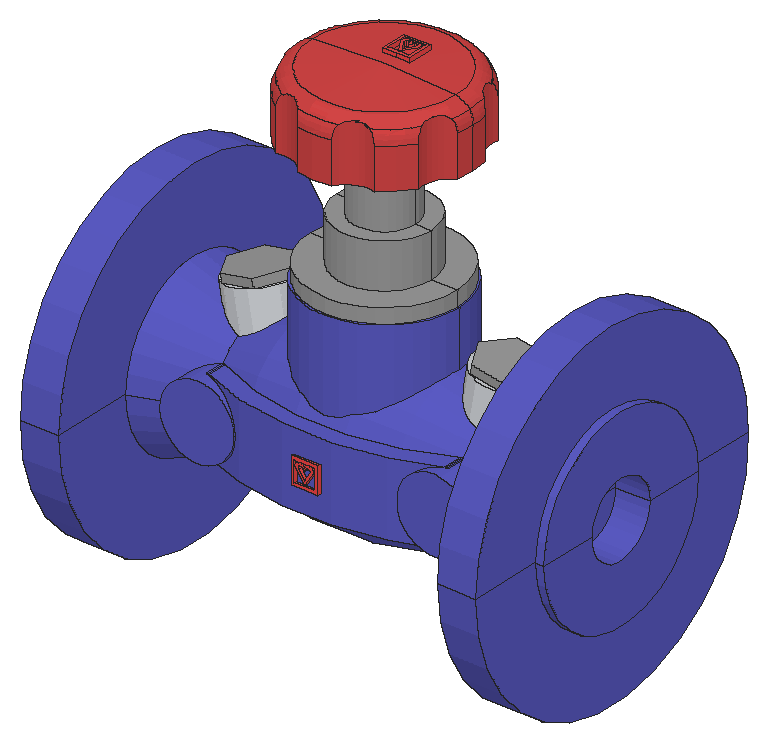
Revit family "Absperrventil 4218 AGF", category Rohrzubehör, Revit 2020
Family settings
  Bemaßung runder Anschluss = Durchmesser verwenden
  Teiletyp = Unterbricht
  Arbeitsebenenbasiert = Nein
  Immer vertikal = Ja
  Beim Laden mit Abzugskörper schneiden = Nein
  Gemeinsam genutzt = Nein
Parameters
  w = 10.00°  # constant formula
  Vorgabe-Ansicht = 0.00 mm
  PN = 16  # constant formula
  Max. Betriebstemperatur bis DN 32 = 130 °C  # constant formula
  Max. Betriebstemperatur ab DN 40 = 110 °C  # constant formula
  Max. Betriebsdruck = 1600000.0 Pa  # constant formula
  m2 [instance] = size_lookup("4218_AGF", "m2", 22.00 mm, Nennweite)  # 11.00 mm
  m1 [instance] = 27.59 mm  # constant formula
  d1 [instance] = size_lookup("4218_AGF", "d1", 25.00 mm, Nennweite)  # 25.00 mm
  Ventiloberteil = "Messing"  # constant formula
  Ventilgehäuse = "Grauguss GJL 250 nach EN 1561"  # constant formula
  URL = "www.herz-armaturen.at"
  Schrauben [instance] = if(Nennweite = 15.00 mm, "4x M12x50", if(Nennweite = 20.00 mm, "4x M12x55", if(Nennweite = 25.00 mm, "4x M12x55", if(Nennweite = 32.00 mm, "4x M16x60", if(Nennweite = 40.00 mm, "4x M16x60", if(Nennweite = 50.00 mm, "4x M16x60", if(Nennweite = 65.00 mm, "4x M16x60", if(Nennweite = 80.00 mm, "8x M16x65", if(Nennweite = 100.00 mm, "8x M16x65", if(Nennweite = 125.00 mm, "8x M16x70", if(Nennweite = 150.00 mm, "8x M20x70", if(Nennweite = 200.00 mm, "12x M20x75", if(Nennweite = 250.00 mm, "12x M24x85", if(Nennweite = 300.00 mm, "12x M24x85", if(Nennweite = 350.00 mm, "16x M24x90", "16x M27x100")))))))))))))))  # "4x M12x55"
  SCRNSEQ = "ARM;ARM_TYP=\"ABSV\";2"
  SCRNCODE = "05;11;2"  # constant formula
  R05 [instance] = size_lookup("4218_AGF", "R05", 45.00 mm, Nennweite)  # 45.00 mm
  R04 [instance] = size_lookup("4218_AGF", "R04", 25.50 mm, Nennweite)  # 25.50 mm
  R03 [instance] = size_lookup("4218_AGF", "R03", 30.00 mm, Nennweite)  # 30.00 mm
  R02 [instance] = size_lookup("4218_AGF", "R02", 21.15 mm, Nennweite)  # 21.15 mm
  R01 [instance] = size_lookup("4218_AGF", "R01", 29.50 mm, Nennweite)  # 29.50 mm
  O-Ringe = "EPDM"  # constant formula
  Nennweite [instance] = 25.00 mm
  Medium = "Heizwasserqualität entsprechend ÖNORM H 5195 bzw. VDI Richtlinie 2035. Ethylen und Propylenglykol\r\nkönnen in einem Verhältnis von 25-50 vol. [%] gemischt werden."
  Lk [instance] = size_lookup("4218_AGF", "Lk", 32.50 mm, Nennweite)  # 32.50 mm
  L05 [instance] = 34.16 mm  # constant formula
  L04 [instance] = size_lookup("4218_AGF", "L04", 40.00 mm, Nennweite)  # 40.00 mm
  L03 [instance] = size_lookup("4218_AGF", "L03", 42.00 mm, Nennweite)  # 42.00 mm
  L02 [instance] = size_lookup("4218_AGF", "L02", 3.00 mm, Nennweite)  # 3.00 mm
  L01 [instance] = size_lookup("4218_AGF", "L01", 13.00 mm, Nennweite)  # 13.00 mm
  L [instance] = size_lookup("4218_AGF", "L", 160.00 mm, Nennweite)  # 160.00 mm
  Hinweise zum Material = "Gemäß Art 33 der REACH-Verordnung (EG Nr. 1907/2006) sind wir verpflichtet, darauf hinzuweisen, dass der\r\nStoff Blei auf der SVHC-Liste geführt wird und dass alle aus Messing bestehenden Bauteile, die in unseren\r\nErzeugnissen verarbeitet sind, mehr als 0,1 % (w/w) Blei (CAS: 7439-92-1 / EINECS: 231-100-4) enthalten. Da Blei\r\nals Legierungsbestandteil fest gebunden ist, sind keine Expositionen zu erwarten und daher sind keine zusätzlichen\r\nAngaben zur sicheren Verwendung notwendig.\r\n\r\nGrundanstrich basierent auf Alkydharze (Kunstharzgrundierung) und enthält blei- und chromatfreie Rost- schutzpigmente. Deckbeschichtung mit Epoxidharz. Lösungsmittelgehalt ist geringer als in der VOCAnlagen-Verordnung 2002 zulässig.\r\nGlanzgrad: matt\r\nSchichtstärke trocken (TSD) : ~ 100 μm"
  Hersteller = "HERZ-Armaturen Ges.m.b.H"  # constant formula
  Dfl [instance] = size_lookup("4218_AGF", "Dfl", 57.50 mm, Nennweite)  # 57.50 mm
  DN80 [instance] = Nennweite = 80.00 mm  # no
  DN65-80 [instance] = or(Nennweite = 65.00 mm, Nennweite = 80.00 mm)  # no
  DN65 [instance] = Nennweite = 65.00 mm  # no
  DN50-80 [instance] = or(Nennweite = 50.00 mm, Nennweite = 65.00 mm, Nennweite = 80.00 mm)  # no
  DN50 [instance] = Nennweite = 50.00 mm  # no
  DN40 [instance] = Nennweite = 40.00 mm  # no
  DN32 [instance] = Nennweite = 32.00 mm  # no
  DN32-40 [instance] = or(Nennweite = 32.00 mm, Nennweite = 40.00 mm)  # no
  DN25-40 [instance] = or(Nennweite = 25.00 mm, Nennweite = 32.00 mm, Nennweite = 40.00 mm)  # yes
  DN25 [instance] = Nennweite = 25.00 mm  # yes
  D [instance] = size_lookup("4218_AGF", "D", 12.50 mm, Nennweite)  # 12.50 mm
  Bestellnummer [instance] = size_lookup("4218_AGF", "Artnr", 0, Nennweite)  # 1421853
  B [instance] = size_lookup("4218_AGF", "B", 58.00 mm, Nennweite)  # 58.00 mm
  Anwendungsgebiet = "Zum Absperren von Verteilleitungen in Heiz- oder Kühlanlagen, Strängen, Wärmetauschern, Heiz- und\r\nKühlregistern."
Reference planes
  plane 1 "Mitte (Vorne/hinten)": y = 0
  plane 2: z = 0
  plane 3 "Mitte (Links/rechts)": x = 0
Forms (mm)
  Revolve 1, solid, material "Herz-Marineblau", detail levels fine
    sketch origin (1065, 0, 0) x (1, 0, 0) y (0, 1, 0)
      loop
        line (-1142, 57.5) -> (-1142, 32.5) -> (-1145, 32.5) -> (-1145, 12.5) -> (-1135, 12.5) -> (-1135, 0) -> (-997, 0) -> (-997, 12.5) -> (-985, 12.5) -> (-985, 32.5) -> (-988, 32.5) -> (-988, 57.5) -> (-1001, 57.5) -> (-1001, 29.5) -> (-1024.25, 21.15)
        arc (-1024.25, 21.15) -> (-1065, 30) -> (-1105.75, 21.15) r 98.242
        line (-1105.75, 21.15) -> (-1129, 29.5) -> (-1129, 57.5) -> (-1142, 57.5)
      axis (-985, 0) -> (-1145, 0)
    angle from 0 to 360
  Extrusion 2, solid, material "Herz-Marineblau", visible <- "DN25", detail levels fine
    sketch origin (0, 0, 0) x (1, 0, 0) y (0, 1, 0)
      loop
        arc (-40.75, -24.228) -> (0.085, -32.958) -> (40.917, -24.217) r 99.801
        line (40.917, -24.217) -> (40.917, 24.217)
        arc (40.917, 24.217) -> (0.085, 32.958) -> (-40.75, 24.228) r 99.801
        line (-40.75, 24.228) -> (-40.75, -24.228)
    from -12.5 to 12.5
  Extrusion 3, solid, material "Herz-Marineblau"
    sketch origin (0, 0, 0) x (1, 0, 0) y (0, 0, 1)
      loop
        circle (-40, 0) r 12.5
      loop
        circle (40, 0) r 12.5
    from -29 to 29
  Revolve 4, solid, visible <- "DN25"
    sketch origin (0, 0, 0) x (1, 0, 0) y (0, 0, 1)
      loop
        line (-42.018, 32) -> (-37.406, 5.845) -> (-26.573, 7.755) -> (-31.185, 33.91) -> (-42.018, 32)
      axis (-42.018, 32) -> (-37.406, 5.845)
    angle from 0 to 360
  Revolve 5, solid, visible <- "DN25"
    sketch origin (0, 0, 0) x (-1, 0, 0) y (0, 0, 1)
      loop
        line (-42.018, 32) -> (-37.406, 5.845) -> (-26.573, 7.755) -> (-31.185, 33.91) -> (-42.018, 32)
      axis (-42.018, 32) -> (-37.406, 5.845)
    angle from 0 to 360
  Revolve 6, solid, visible <- "DN32"
    sketch origin (-6, 0, 0) x (1, 0, 0) y (0, 0, 1)
      loop
        line (-42.018, 32) -> (-37.406, 5.845) -> (-26.573, 7.755) -> (-31.185, 33.91) -> (-42.018, 32)
      axis (-42.018, 32) -> (-37.406, 5.845)
    angle from 0 to 360
  Revolve 7, solid, visible <- "DN32"
    sketch origin (6, 0, 0) x (-1, 0, 0) y (0, 0, 1)
      loop
        line (-42.018, 32) -> (-37.406, 5.845) -> (-26.573, 7.755) -> (-31.185, 33.91) -> (-42.018, 32)
      axis (-42.018, 32) -> (-37.406, 5.845)
    angle from 0 to 360
  Revolve 8, solid, visible <- "DN40"
    sketch origin (-10, 0, 6) x (1, 0, 0) y (0, 0, 1)
      loop
        line (-42.018, 32) -> (-37.406, 5.845) -> (-26.573, 7.755) -> (-31.185, 33.91) -> (-42.018, 32)
      axis (-42.018, 32) -> (-37.406, 5.845)
    angle from 0 to 360
  Revolve 9, solid, visible <- "DN40"
    sketch origin (10, 0, 6) x (-1, 0, 0) y (0, 0, 1)
      loop
        line (-42.018, 32) -> (-37.406, 5.845) -> (-26.573, 7.755) -> (-31.185, 33.91) -> (-42.018, 32)
      axis (-42.018, 32) -> (-37.406, 5.845)
    angle from 0 to 360
  Revolve 10, solid, visible <- "DN50"
    sketch origin (-23, 0, 16) x (1, 0, 0) y (0, 0, 1)
      loop
        line (-42.018, 32) -> (-37.406, 5.845) -> (-26.573, 7.755) -> (-31.185, 33.91) -> (-42.018, 32)
      axis (-42.018, 32) -> (-37.406, 5.845)
    angle from 0 to 360
  Revolve 11, solid, visible <- "DN50"
    sketch origin (23, 0, 16) x (-1, 0, 0) y (0, 0, 1)
      loop
        line (-42.018, 32) -> (-37.406, 5.845) -> (-26.573, 7.755) -> (-31.185, 33.91) -> (-42.018, 32)
      axis (-42.018, 32) -> (-37.406, 5.845)
    angle from 0 to 360
  Revolve 12, solid, visible <- "DN65"
    sketch origin (-35, 0, 28) x (1, 0, 0) y (0, 0, 1)
      loop
        line (-42.018, 32) -> (-34.219, -12.231) -> (-18.954, -9.539) -> (-26.753, 34.692) -> (-42.018, 32)
      axis (-42.018, 32) -> (-34.219, -12.231)
    angle from 0 to 360
  Revolve 13, solid, visible <- "DN65"
    sketch origin (35, 0, 28) x (-1, 0, 0) y (0, 0, 1)
      loop
        line (-42.018, 32) -> (-34.219, -12.231) -> (-18.954, -9.539) -> (-26.753, 34.692) -> (-42.018, 32)
      axis (-42.018, 32) -> (-34.219, -12.231)
    angle from 0 to 360
  Revolve 14, solid, visible <- "DN80"
    sketch origin (-43, 0, 33) x (1, 0, 0) y (0, 0, 1)
      loop
        line (-42.018, 32) -> (-34.219, -12.231) -> (-18.954, -9.539) -> (-26.753, 34.692) -> (-42.018, 32)
      axis (-42.018, 32) -> (-34.219, -12.231)
    angle from 0 to 360
  Revolve 15, solid, visible <- "DN80"
    sketch origin (43, 0, 33) x (-1, 0, 0) y (0, 0, 1)
      loop
        line (-42.018, 32) -> (-34.219, -12.231) -> (-18.954, -9.539) -> (-26.753, 34.692) -> (-42.018, 32)
      axis (-42.018, 32) -> (-34.219, -12.231)
    angle from 0 to 360
  Revolve 16, solid, material "Herz-Marineblau"
    sketch origin (0, 0, 0) x (1, 0, 0) y (0, 0, 1)
      loop
        line (-0.018, 0) -> (25.5, 0) -> (25.5, 45) -> (-0.018, 45) -> (-0.018, 0)
      axis (-0.018, 45) -> (-0.018, 0)
    angle from 0 to 360
  Extrusion 17, solid, material "Herz-Marineblau", visible <- "DN32", detail levels fine
    sketch origin (0, 5, 0) x (1, 0, 0) y (0, 1, 0)
      loop
        arc (-50, -30.504) -> (0, -44.033) -> (50, -30.504) r 99.158
        line (50, -30.504) -> (50, 20.504)
        arc (50, 20.504) -> (0, 34.033) -> (-50, 20.504) r 99.158
        line (-50, 20.504) -> (-50, -30.504)
    from -12.5 to 12.5
  Extrusion 18, solid, material "Herz-Marineblau", visible <- "DN40", detail levels fine
    sketch origin (0, 7.139, 0) x (1, 0, 0) y (0, 1, 0)
      loop
        arc (-58.75, -37.243) -> (-0.086, -48.157) -> (58.607, -37.396) r 164.275
        line (58.607, -37.396) -> (58.607, 23.118)
        arc (58.607, 23.118) -> (-0.086, 33.878) -> (-58.75, 22.964) r 164.275
        line (-58.75, 22.964) -> (-58.75, -37.243)
    from -12.5 to 12.5
  Extrusion 19, solid, material "Herz-Marineblau", visible <- "DN50", detail levels fine
    sketch origin (0, 12.139, 0) x (1, 0, 0) y (0, 1, 0)
      loop
        arc (-70, -51.365) -> (-0.006, -58.136) -> (70, -51.487) r 368.507
        line (70, -51.487) -> (70, 27.208)
        arc (70, 27.208) -> (-0.006, 33.857) -> (-70, 27.086) r 368.507
        line (-70, 27.086) -> (-70, -51.365)
    from -12.5 to 12.5
  Extrusion 20, solid, material "Herz-Marineblau", visible <- "DN65", detail levels fine
    sketch origin (0, 17.139, 0) x (1, 0, 0) y (0, 1, 0)
      loop
        line (-89.879, 31.045) -> (-89.879, -65.324)
        arc (-89.879, -65.324) -> (0.112, -71.41) -> (90.111, -65.45) r 675.309
        line (90.111, -65.45) -> (90.111, 31.171)
        arc (90.111, 31.171) -> (0.112, 37.132) -> (-89.879, 31.045) r 675.309
    from -12.5 to 12.5
  Extrusion 21, solid, material "Herz-Marineblau", visible <- "DN80", detail levels fine
    sketch origin (0, 23.908, 0) x (1, 0, 0) y (0, 1, 0)
      loop
        line (-95.924, 29.668) -> (-95.924, -77.484)
        arc (-95.924, -77.484) -> (1.171, -81.507) -> (98.253, -77.179) r 1130.914
        line (98.253, -77.179) -> (98.253, 29.363)
        arc (98.253, 29.363) -> (1.171, 33.69) -> (-95.924, 29.668) r 1130.914
    from -12.5 to 12.5
  Revolve 22, solid, material "Messing, weicher Gelbton, geschweißt", visible <- "DN25"
    sketch origin (0, 0, 0) x (1, 0, 0) y (0, 0, 1)
      loop
        line (-15.927, 65) -> (-15.927, 50) -> (-24.821, 50) -> (-24.821, 45) -> (-0.018, 45) -> (-0.018, 87.982) -> (-7.018, 87.982) -> (-10.561, 84.439) -> (-10.561, 65) -> (-15.927, 65)
      axis (-0.018, 87.982) -> (-0.018, 45)
    angle from 0 to 360
  Revolve 23, solid, material "Messing, weicher Gelbton, geschweißt", visible <- "DN32-40"
    sketch origin (0, 0, 5) x (1, 0, 0) y (0, 0, 1)
      loop
        line (-15.927, 65) -> (-15.927, 50) -> (-24.821, 50) -> (-24.821, 45) -> (-0.018, 45) -> (-0.018, 82.982) -> (-7.018, 82.982) -> (-10.561, 79.439) -> (-10.561, 65) -> (-15.927, 65)
      axis (-0.018, 82.982) -> (-0.018, 45)
    angle from 0 to 360
  Revolve 24, solid, material "Messing, weicher Gelbton, geschweißt", visible <- "DN50"
    sketch origin (0, 0, 0) x (1, 0, 0) y (0, 0, 1)
      loop
        line (-30.605, 80.5) -> (-30.605, 65.5) -> (-39.5, 65.5) -> (-39.5, 60.5) -> (0, 60.5) -> (0, 103) -> (-17.179, 103) -> (-25.239, 94.939) -> (-25.239, 80.5) -> (-30.605, 80.5)
      axis (0, 103) -> (0, 60.5)
    angle from 0 to 360
  Revolve 25, solid, material "Messing, weicher Gelbton, geschweißt", visible <- "DN65-80"
    sketch origin (0, 0, 7.5) x (1, 0, 0) y (0, 0, 1)
      loop
        line (-30.605, 80.5) -> (-30.605, 65.5) -> (-39.5, 65.5) -> (-39.5, 60.5) -> (0, 60.5) -> (0, 95.5) -> (-17.179, 95.5) -> (-25.239, 87.439) -> (-25.239, 80.5) -> (-30.605, 80.5)
      axis (0, 95.5) -> (0, 60.5)
    angle from 0 to 360
  Extrusion 26, solid, material "Messing, weicher Gelbton, geschweißt", visible <- "DN25"
    sketch origin (0.537, 0, 6.073) x (0.984808, 0, 0.173648) y (0, 1, 0)
      loop
        line (-26.573, 0) -> (-31.989, 9.382) -> (-42.822, 9.382) -> (-48.239, 0) -> (-42.822, -9.382) -> (-31.989, -9.382) -> (-26.573, 0)
    from 32.922 to 35.92
  Extrusion 27, solid, material "Messing, weicher Gelbton, geschweißt", visible <- "DN40"
    sketch origin (-9.463, 0, 12.073) x (0.984808, 0, 0.173648) y (0, 1, 0)
      loop
        line (-26.573, 0) -> (-31.989, 9.382) -> (-42.822, 9.382) -> (-48.239, 0) -> (-42.822, -9.382) -> (-31.989, -9.382) -> (-26.573, 0)
    from 32.922 to 35.92
  Extrusion 28, solid, material "Messing, weicher Gelbton, geschweißt", visible <- "DN50"
    sketch origin (-22.463, 0, 22.073) x (0.984808, 0, 0.173648) y (0, 1, 0)
      loop
        line (-26.573, 0) -> (-31.989, 9.382) -> (-42.822, 9.382) -> (-48.239, 0) -> (-42.822, -9.382) -> (-31.989, -9.382) -> (-26.573, 0)
    from 32.922 to 35.92
  Extrusion 29, solid, material "Messing, weicher Gelbton, geschweißt", visible <- "DN80"
    sketch origin (-40.926, 0, 36.434) x (0.984808, 0, 0.173648) y (0, 1, 0)
      loop
        line (-24.656, 0) -> (-31.558, 11.956) -> (-45.364, 11.956) -> (-52.266, 0) -> (-45.364, -11.956) -> (-31.558, -11.956) -> (-24.656, 0)
    from 35.788 to 38.79
  Extrusion 30, solid, material "Messing, weicher Gelbton, geschweißt", visible <- "DN32"
    sketch origin (-5.463, 0, 6.073) x (0.984808, 0, 0.173648) y (0, 1, 0)
      loop
        line (-26.573, 0) -> (-31.989, 9.382) -> (-42.822, 9.382) -> (-48.239, 0) -> (-42.822, -9.382) -> (-31.989, -9.382) -> (-26.573, 0)
    from 32.922 to 35.92
  Extrusion 31, solid, material "Messing, weicher Gelbton, geschweißt", visible <- "DN25"
    sketch origin (-0.537, 0, 6.073) x (-0.984808, 0, 0.173648) y (0, -1, 0)
      loop
        line (-26.573, 0) -> (-31.989, 9.382) -> (-42.822, 9.382) -> (-48.239, 0) -> (-42.822, -9.382) -> (-31.989, -9.382) -> (-26.573, 0)
    from 32.922 to 35.92
  Extrusion 32, solid, material "Messing, weicher Gelbton, geschweißt", visible <- "DN40"
    sketch origin (9.463, 0, 12.073) x (-0.984808, 0, 0.173648) y (0, -1, 0)
      loop
        line (-26.573, 0) -> (-31.989, 9.382) -> (-42.822, 9.382) -> (-48.239, 0) -> (-42.822, -9.382) -> (-31.989, -9.382) -> (-26.573, 0)
    from 32.922 to 35.92
  Extrusion 33, solid, material "Messing, weicher Gelbton, geschweißt", visible <- "DN50"
    sketch origin (22.463, 0, 22.073) x (-0.984808, 0, 0.173648) y (0, -1, 0)
      loop
        line (-26.573, 0) -> (-31.989, 9.382) -> (-42.822, 9.382) -> (-48.239, 0) -> (-42.822, -9.382) -> (-31.989, -9.382) -> (-26.573, 0)
    from 32.922 to 35.92
  Extrusion 34, solid, material "Messing, weicher Gelbton, geschweißt", visible <- "DN32"
    sketch origin (5.463, 0, 6.073) x (-0.984808, 0, 0.173648) y (0, -1, 0)
      loop
        line (-26.573, 0) -> (-31.989, 9.382) -> (-42.822, 9.382) -> (-48.239, 0) -> (-42.822, -9.382) -> (-31.989, -9.382) -> (-26.573, 0)
    from 32.922 to 35.92
  Extrusion 35, solid, material "Messing, weicher Gelbton, geschweißt", visible <- "DN65"
    sketch origin (-32.926, 0, 31.434) x (0.984808, 0, 0.173648) y (0, 1, 0)
      loop
        line (-24.656, 0) -> (-31.558, 11.956) -> (-45.364, 11.956) -> (-52.266, 0) -> (-45.364, -11.956) -> (-31.558, -11.956) -> (-24.656, 0)
    from 35.788 to 38.79
  Extrusion 36, solid, material "Messing, weicher Gelbton, geschweißt", visible <- "DN80"
    sketch origin (40.926, 0, 36.434) x (-0.984808, 0, 0.173648) y (0, -1, 0)
      loop
        line (-24.656, 0) -> (-31.558, 11.956) -> (-45.364, 11.956) -> (-52.266, 0) -> (-45.364, -11.956) -> (-31.558, -11.956) -> (-24.656, 0)
    from 35.788 to 38.79
  Extrusion 37, solid, material "Messing, weicher Gelbton, geschweißt", visible <- "DN65"
    sketch origin (32.926, 0, 31.434) x (-0.984808, 0, 0.173648) y (0, -1, 0)
      loop
        line (-24.656, 0) -> (-31.558, 11.956) -> (-45.364, 11.956) -> (-52.266, 0) -> (-45.364, -11.956) -> (-31.558, -11.956) -> (-24.656, 0)
    from 35.788 to 38.79
Lines and regions (mm)
  model lines
    curve 1: line (-42.018, 0, 0) -> (-42.018, 0, 32)
    curve 2: line (-0.018, 0, 0) -> (-48.018, 0, 0)
    curve 3: line (-48.018, 0, 0) -> (-48.018, 0, 32)
    curve 4: line (-0.018, 0, 0) -> (-52.018, 0, 0)
    curve 5: line (-52.018, 0, 0) -> (-52.018, 0, 38)
    curve 6: line (-0.018, 0, 0) -> (-65.018, 0, 0)
    curve 7: line (-65.018, 0, 0) -> (-65.018, 0, 48)
    curve 8: line (-0.018, 0, 0) -> (-77.018, 0, 0)
    curve 9: line (-77.018, 0, 0) -> (-77.018, 0, 60)
    curve 10: line (-0.018, 0, 0) -> (-85.018, 0, 0)
    curve 11: line (-100.282, 0, 0) -> (-69.753, 0, 0)
    curve 12: line (-92.474, 0, 0) -> (-61.753, 0, 0)
Dimensions and locks
  "Dfl": plane 1 "Mitte (Vorne/hinten)" to Revolve 1 sketch curve
  "Lk": plane 1 "Mitte (Vorne/hinten)" to Revolve 1 sketch curve
  "D": plane 1 "Mitte (Vorne/hinten)" to Revolve 1 sketch curve
  "L": Revolve 1 sketch curve to Revolve 1 sketch curve
  "L01": Revolve 1 sketch curve to Revolve 1 sketch curve  (x2)
  "L02": Revolve 1 sketch curve to Revolve 1 sketch curve  (x2)
  equal spacing: Revolve 1 sketch curve, plane 3 "Mitte (Links/rechts)", Revolve 1 sketch curve  (x2)
  "L04": plane 3 "Mitte (Links/rechts)" to Extrusion 3 sketch curve
  "L04": Extrusion 3 sketch curve to plane 3 "Mitte (Links/rechts)"
  "B": Extrusion 3 to Extrusion 3
  equal spacing: Extrusion 3, plane 1 "Mitte (Vorne/hinten)", Extrusion 3
  "D": Revolve 1 sketch curve to plane 1 "Mitte (Vorne/hinten)"
  "Lk": Revolve 1 sketch curve to plane 1 "Mitte (Vorne/hinten)"
  "Dfl": Revolve 1 sketch curve to plane 1 "Mitte (Vorne/hinten)"
  "R02": plane 1 "Mitte (Vorne/hinten)" to Revolve 1 sketch curve  (x2)
  "R01": plane 1 "Mitte (Vorne/hinten)" to Revolve 1 sketch curve  (x2)
  "R03": plane 1 "Mitte (Vorne/hinten)" to Revolve 1 sketch curve
  Revolve 4 sketch curve to Revolve 4 sketch curve = 11.00 mm
  Revolve 4 sketch curve to Revolve 4 sketch curve = 26.559 mm
  Revolve 5 sketch curve to Revolve 5 sketch curve = 11.00 mm
  Revolve 5 sketch curve to Revolve 5 sketch curve = 26.559 mm
  Revolve 6 sketch curve to Revolve 6 sketch curve = 11.00 mm
  Revolve 6 sketch curve to Revolve 6 sketch curve = 26.559 mm
  Revolve 7 sketch curve to Revolve 7 sketch curve = 11.00 mm
  Revolve 7 sketch curve to Revolve 7 sketch curve = 26.559 mm
  Revolve 8 sketch curve to Revolve 8 sketch curve = 11.00 mm
  Revolve 8 sketch curve to Revolve 8 sketch curve = 26.559 mm
  Revolve 9 sketch curve to Revolve 9 sketch curve = 11.00 mm
  Revolve 9 sketch curve to Revolve 9 sketch curve = 26.559 mm
  Revolve 10 sketch curve to Revolve 10 sketch curve = 11.00 mm
  Revolve 10 sketch curve to Revolve 10 sketch curve = 26.559 mm
  Revolve 11 sketch curve to Revolve 11 sketch curve = 11.00 mm
  Revolve 11 sketch curve to Revolve 11 sketch curve = 26.559 mm
  Revolve 12 sketch curve to Revolve 12 sketch curve = 15.50 mm
  Revolve 12 sketch curve to Revolve 12 sketch curve = 44.913 mm
  Revolve 13 sketch curve to Revolve 13 sketch curve = 15.50 mm
  Revolve 13 sketch curve to Revolve 13 sketch curve = 44.913 mm
  Revolve 14 sketch curve to Revolve 14 sketch curve = 15.50 mm
  Revolve 14 sketch curve to Revolve 14 sketch curve = 44.913 mm
  Revolve 15 sketch curve to Revolve 15 sketch curve = 15.50 mm
  Revolve 15 sketch curve to Revolve 15 sketch curve = 44.913 mm
  "R05": Revolve 16 sketch curve to plane 2
  "R04": plane 3 "Mitte (Links/rechts)" to Revolve 16 sketch curve
  nested 5 to plane 2 = 88.00 mm
  nested 7 to plane 2 = 103.00 mm
  "d1": diameter of Extrusion 3 sketch curve  (x2)
  aligned and locked: level to plane 2
Automatic sketch dimensions
  curve 10 to level = 0.00 mm
  curve 8 to level = 0.00 mm
  curve 5 to level = 0.00 mm
  curve 10 to plane 3 "Mitte (Links/rechts)" = 85.018 mm
  curve 10 to curve 8 = 8.00 mm
  curve 8 to curve 7 = 12.00 mm
  curve 6 to curve 5 = 13.00 mm
  curve 4 to curve 2 = 4.00 mm
  curve 4 to plane 3 "Mitte (Links/rechts)" = 0.018 mm
  curve 6 to curve 2 = 0.00 mm
  curve 3 to curve 1 = 6.00 mm
  curve 10 to curve 2 = 0.00 mm
  level to curve 3 = 32.00 mm
  curve 1 to curve 3 = 0.00 mm
  curve 3 to curve 5 = 6.00 mm
  curve 5 to curve 7 = 10.00 mm
  curve 7 to curve 9 = 12.00 mm
  plane 1 "Mitte (Vorne/hinten)" to curve 11 = 0.00 mm
  plane 1 "Mitte (Vorne/hinten)" to curve 12 = 0.00 mm
  curve 11 to plane 3 "Mitte (Links/rechts)" = 100.282 mm
  curve 11 to curve 12 = 7.808 mm
  curve 12 to curve 11 = 22.721 mm
  curve 11 to curve 12 = 8.00 mm
  Extrusion 2 sketch curve to plane 3 "Mitte (Links/rechts)" = 40.75 mm
  plane 3 "Mitte (Links/rechts)" to Extrusion 2 sketch curve = 0.071 mm  (x2)
  plane 1 "Mitte (Vorne/hinten)" to Extrusion 2 sketch curve = 24.217 mm
  plane 3 "Mitte (Links/rechts)" to Extrusion 2 sketch curve = 40.917 mm
  plane 1 "Mitte (Vorne/hinten)" to Extrusion 2 sketch curve = 24.228 mm
  Extrusion 2 sketch curve to Extrusion 2 sketch curve = 42.614 mm
  Extrusion 2 sketch curve to plane 1 "Mitte (Vorne/hinten)" = 24.217 mm
  Revolve 4 sketch curve to plane 3 "Mitte (Links/rechts)" = 42.018 mm
  level to Revolve 4 sketch curve = 5.845 mm  (x2)
  Revolve 4 sketch curve to Revolve 4 sketch curve = 4.612 mm
  Revolve 4 sketch curve to Revolve 4 sketch curve = 10.833 mm
  level to Revolve 4 sketch curve = 32.00 mm
  Revolve 5 sketch curve to plane 3 "Mitte (Links/rechts)" = 42.018 mm
  Revolve 5 sketch curve to level = 5.845 mm  (x2)
  Revolve 5 sketch curve to Revolve 5 sketch curve = 4.612 mm
  Revolve 5 sketch curve to Revolve 5 sketch curve = 10.833 mm
  Revolve 5 sketch curve to level = 32.00 mm
  Revolve 6 sketch curve to plane 3 "Mitte (Links/rechts)" = 48.018 mm
  level to Revolve 6 sketch curve = 5.845 mm  (x2)
  Revolve 6 sketch curve to Revolve 6 sketch curve = 4.612 mm
  level to Revolve 6 sketch curve = 33.91 mm
  level to Revolve 6 sketch curve = 32.00 mm
  Revolve 7 sketch curve to plane 3 "Mitte (Links/rechts)" = 48.018 mm
  Revolve 7 sketch curve to level = 5.845 mm  (x2)
  Revolve 7 sketch curve to Revolve 7 sketch curve = 4.612 mm
  Revolve 7 sketch curve to level = 33.91 mm
  Revolve 7 sketch curve to level = 32.00 mm
  Revolve 8 sketch curve to plane 3 "Mitte (Links/rechts)" = 52.018 mm
  level to Revolve 8 sketch curve = 11.845 mm  (x2)
  Revolve 8 sketch curve to Revolve 8 sketch curve = 4.612 mm
  level to Revolve 8 sketch curve = 39.91 mm
  level to Revolve 8 sketch curve = 38.00 mm
  Revolve 9 sketch curve to plane 3 "Mitte (Links/rechts)" = 52.018 mm
  Revolve 9 sketch curve to level = 11.845 mm  (x2)
  Revolve 9 sketch curve to Revolve 9 sketch curve = 4.612 mm
  Revolve 9 sketch curve to level = 39.91 mm
  Revolve 9 sketch curve to level = 38.00 mm
  Revolve 10 sketch curve to plane 3 "Mitte (Links/rechts)" = 65.018 mm
  level to Revolve 10 sketch curve = 21.845 mm  (x2)
  Revolve 10 sketch curve to Revolve 10 sketch curve = 4.612 mm
  level to Revolve 10 sketch curve = 49.91 mm
  level to Revolve 10 sketch curve = 48.00 mm
  Revolve 11 sketch curve to plane 3 "Mitte (Links/rechts)" = 65.018 mm
  Revolve 11 sketch curve to level = 21.845 mm  (x2)
  Revolve 11 sketch curve to Revolve 11 sketch curve = 4.612 mm
  Revolve 11 sketch curve to level = 49.91 mm
  Revolve 11 sketch curve to level = 48.00 mm
  Revolve 12 sketch curve to plane 3 "Mitte (Links/rechts)" = 77.018 mm
  level to Revolve 12 sketch curve = 15.769 mm
  Revolve 12 sketch curve to Revolve 12 sketch curve = 7.799 mm
  Revolve 12 sketch curve to Revolve 12 sketch curve = 15.265 mm
  level to Revolve 12 sketch curve = 60.00 mm
  level to Revolve 12 sketch curve = 33.845 mm
  Revolve 13 sketch curve to plane 3 "Mitte (Links/rechts)" = 77.018 mm
  Revolve 13 sketch curve to level = 15.769 mm
  Revolve 13 sketch curve to Revolve 13 sketch curve = 7.799 mm
  Revolve 13 sketch curve to Revolve 13 sketch curve = 15.265 mm
  Revolve 13 sketch curve to level = 60.00 mm
  Revolve 13 sketch curve to level = 33.845 mm
  Revolve 14 sketch curve to plane 3 "Mitte (Links/rechts)" = 85.018 mm
  level to Revolve 14 sketch curve = 20.769 mm
  Revolve 14 sketch curve to Revolve 14 sketch curve = 7.799 mm
  level to Revolve 14 sketch curve = 67.692 mm
  level to Revolve 14 sketch curve = 65.00 mm
  level to Revolve 14 sketch curve = 38.845 mm
  Revolve 15 sketch curve to plane 3 "Mitte (Links/rechts)" = 85.018 mm
  Revolve 15 sketch curve to level = 20.769 mm
  Revolve 15 sketch curve to Revolve 15 sketch curve = 7.799 mm
  Revolve 15 sketch curve to level = 67.692 mm
  Revolve 15 sketch curve to level = 65.00 mm
  Revolve 15 sketch curve to level = 38.845 mm
  Extrusion 17 sketch curve to plane 3 "Mitte (Links/rechts)" = 0.00 mm  (x2)
  Extrusion 17 sketch curve to plane 1 "Mitte (Vorne/hinten)" = 25.504 mm
  Extrusion 17 sketch curve to plane 3 "Mitte (Links/rechts)" = 50.00 mm
  plane 1 "Mitte (Vorne/hinten)" to Extrusion 17 sketch curve = 25.504 mm
  plane 3 "Mitte (Links/rechts)" to Extrusion 17 sketch curve = 50.00 mm
  plane 1 "Mitte (Vorne/hinten)" to Extrusion 17 sketch curve = 60.125 mm
  Extrusion 17 sketch curve to plane 1 "Mitte (Vorne/hinten)" = 60.125 mm
  Extrusion 18 sketch curve to plane 3 "Mitte (Links/rechts)" = 58.75 mm
  plane 3 "Mitte (Links/rechts)" to Extrusion 18 sketch curve = 0.129 mm  (x2)
  plane 1 "Mitte (Vorne/hinten)" to Extrusion 18 sketch curve = 30.257 mm
  plane 3 "Mitte (Links/rechts)" to Extrusion 18 sketch curve = 58.607 mm
  Extrusion 18 sketch curve to Extrusion 18 sketch curve = 93.00 mm
  plane 1 "Mitte (Vorne/hinten)" to Extrusion 18 sketch curve = 30.103 mm
  Extrusion 18 sketch curve to plane 1 "Mitte (Vorne/hinten)" = 30.103 mm
  Extrusion 19 sketch curve to plane 3 "Mitte (Links/rechts)" = 70.00 mm
  plane 3 "Mitte (Links/rechts)" to Extrusion 19 sketch curve = 0.315 mm  (x2)
  plane 1 "Mitte (Vorne/hinten)" to Extrusion 19 sketch curve = 39.348 mm
  plane 3 "Mitte (Links/rechts)" to Extrusion 19 sketch curve = 70.00 mm
  Extrusion 19 sketch curve to Extrusion 19 sketch curve = 283.163 mm
  plane 1 "Mitte (Vorne/hinten)" to Extrusion 19 sketch curve = 39.226 mm
  Extrusion 19 sketch curve to plane 1 "Mitte (Vorne/hinten)" = 39.226 mm
  Extrusion 20 sketch curve to plane 3 "Mitte (Links/rechts)" = 89.879 mm
  plane 3 "Mitte (Links/rechts)" to Extrusion 20 sketch curve = 0.585 mm  (x2)
  plane 3 "Mitte (Links/rechts)" to Extrusion 20 sketch curve = 90.111 mm
  plane 1 "Mitte (Vorne/hinten)" to Extrusion 20 sketch curve = 621.038 mm
  plane 1 "Mitte (Vorne/hinten)" to Extrusion 20 sketch curve = 48.311 mm
  plane 1 "Mitte (Vorne/hinten)" to Extrusion 20 sketch curve = 48.185 mm
  Extrusion 20 sketch curve to plane 1 "Mitte (Vorne/hinten)" = 48.185 mm
  Extrusion 21 sketch curve to plane 3 "Mitte (Links/rechts)" = 95.924 mm
  Extrusion 21 sketch curve to plane 3 "Mitte (Links/rechts)" = 0.606 mm  (x2)
  plane 1 "Mitte (Vorne/hinten)" to Extrusion 21 sketch curve = 53.271 mm
  plane 3 "Mitte (Links/rechts)" to Extrusion 21 sketch curve = 98.253 mm
  plane 1 "Mitte (Vorne/hinten)" to Extrusion 21 sketch curve = 53.576 mm
  Extrusion 21 sketch curve to Extrusion 21 sketch curve = 1019.737 mm
  Extrusion 21 sketch curve to plane 1 "Mitte (Vorne/hinten)" = 53.271 mm
  Revolve 22 sketch curve to plane 3 "Mitte (Links/rechts)" = 24.821 mm
  Revolve 22 sketch curve to Revolve 22 sketch curve = 8.895 mm
  Revolve 22 sketch curve to Revolve 22 sketch curve = 5.366 mm
  Revolve 22 sketch curve to Revolve 22 sketch curve = 3.543 mm  (x2)
  Revolve 22 sketch curve to plane 3 "Mitte (Links/rechts)" = 0.018 mm
  level to Revolve 22 sketch curve = 45.00 mm
  Revolve 22 sketch curve to Revolve 22 sketch curve = 5.00 mm
  Revolve 22 sketch curve to Revolve 22 sketch curve = 15.00 mm
  Revolve 22 sketch curve to Revolve 22 sketch curve = 19.439 mm
  Revolve 22 sketch curve to Revolve 22 sketch curve = 0.00 mm  (x3)
  Revolve 23 sketch curve to plane 3 "Mitte (Links/rechts)" = 24.821 mm
  Revolve 23 sketch curve to Revolve 23 sketch curve = 8.895 mm
  Revolve 23 sketch curve to Revolve 23 sketch curve = 5.366 mm
  Revolve 23 sketch curve to Revolve 23 sketch curve = 3.543 mm  (x2)
  Revolve 23 sketch curve to plane 3 "Mitte (Links/rechts)" = 0.018 mm
  level to Revolve 23 sketch curve = 50.00 mm
  Revolve 23 sketch curve to Revolve 23 sketch curve = 5.00 mm  (x2)
  Revolve 23 sketch curve to Revolve 23 sketch curve = 15.00 mm
  Revolve 23 sketch curve to Revolve 23 sketch curve = 14.439 mm
  Revolve 23 sketch curve to Revolve 23 sketch curve = 0.00 mm  (x2)
  Revolve 24 sketch curve to plane 3 "Mitte (Links/rechts)" = 0.00 mm  (x2)
  Revolve 24 sketch curve to plane 3 "Mitte (Links/rechts)" = 17.179 mm
  Revolve 24 sketch curve to Revolve 24 sketch curve = 8.061 mm  (x2)
  Revolve 24 sketch curve to Revolve 24 sketch curve = 5.366 mm
  Revolve 24 sketch curve to Revolve 24 sketch curve = 8.895 mm
  level to Revolve 24 sketch curve = 60.50 mm
  Revolve 24 sketch curve to Revolve 24 sketch curve = 5.00 mm
  Revolve 24 sketch curve to Revolve 24 sketch curve = 15.00 mm
  Revolve 24 sketch curve to Revolve 24 sketch curve = 14.439 mm
  Revolve 24 sketch curve to Revolve 24 sketch curve = 0.00 mm  (x2)
  Revolve 25 sketch curve to plane 3 "Mitte (Links/rechts)" = 0.00 mm  (x2)
  Revolve 25 sketch curve to plane 3 "Mitte (Links/rechts)" = 17.179 mm
  Revolve 25 sketch curve to Revolve 25 sketch curve = 8.061 mm  (x2)
  Revolve 25 sketch curve to Revolve 25 sketch curve = 5.366 mm
  Revolve 25 sketch curve to Revolve 25 sketch curve = 8.895 mm
  level to Revolve 25 sketch curve = 68.00 mm
  Revolve 25 sketch curve to Revolve 25 sketch curve = 5.00 mm
  Revolve 25 sketch curve to Revolve 25 sketch curve = 15.00 mm
  Revolve 25 sketch curve to Revolve 25 sketch curve = 6.939 mm
  Revolve 25 sketch curve to Revolve 25 sketch curve = 0.00 mm
  Revolve 25 sketch curve to Revolve 25 sketch curve = 7.50 mm
  plane 1 "Mitte (Vorne/hinten)" to Extrusion 26 sketch curve = 0.00 mm  (x2)
  Extrusion 26 sketch curve to Extrusion 26 sketch curve = 5.416 mm  (x3)
  plane 1 "Mitte (Vorne/hinten)" to Extrusion 26 sketch curve = 9.382 mm
  Extrusion 26 sketch curve to Extrusion 26 sketch curve = 10.833 mm  (x2)
  Extrusion 26 sketch curve to plane 1 "Mitte (Vorne/hinten)" = 9.382 mm
  plane 1 "Mitte (Vorne/hinten)" to Extrusion 27 sketch curve = 0.00 mm  (x2)
  Extrusion 27 sketch curve to Extrusion 27 sketch curve = 5.416 mm  (x3)
  plane 1 "Mitte (Vorne/hinten)" to Extrusion 27 sketch curve = 9.382 mm
  Extrusion 27 sketch curve to Extrusion 27 sketch curve = 10.833 mm  (x2)
  Extrusion 27 sketch curve to plane 1 "Mitte (Vorne/hinten)" = 9.382 mm
  plane 1 "Mitte (Vorne/hinten)" to Extrusion 28 sketch curve = 0.00 mm  (x2)
  Extrusion 28 sketch curve to Extrusion 28 sketch curve = 5.416 mm  (x3)
  plane 1 "Mitte (Vorne/hinten)" to Extrusion 28 sketch curve = 9.382 mm
  Extrusion 28 sketch curve to Extrusion 28 sketch curve = 10.833 mm  (x2)
  Extrusion 28 sketch curve to plane 1 "Mitte (Vorne/hinten)" = 9.382 mm
  plane 1 "Mitte (Vorne/hinten)" to Extrusion 29 sketch curve = 0.00 mm  (x2)
  Extrusion 29 sketch curve to Extrusion 29 sketch curve = 6.903 mm  (x3)
  plane 1 "Mitte (Vorne/hinten)" to Extrusion 29 sketch curve = 11.956 mm
  Extrusion 29 sketch curve to Extrusion 29 sketch curve = 13.805 mm  (x2)
  Extrusion 29 sketch curve to plane 1 "Mitte (Vorne/hinten)" = 11.956 mm
  plane 1 "Mitte (Vorne/hinten)" to Extrusion 30 sketch curve = 0.00 mm  (x2)
  Extrusion 30 sketch curve to Extrusion 30 sketch curve = 5.416 mm  (x3)
  plane 1 "Mitte (Vorne/hinten)" to Extrusion 30 sketch curve = 9.382 mm
  Extrusion 30 sketch curve to Extrusion 30 sketch curve = 10.833 mm  (x2)
  Extrusion 30 sketch curve to plane 1 "Mitte (Vorne/hinten)" = 9.382 mm
  plane 1 "Mitte (Vorne/hinten)" to Extrusion 31 sketch curve = 0.00 mm  (x2)
  Extrusion 31 sketch curve to Extrusion 31 sketch curve = 5.416 mm  (x3)
  plane 1 "Mitte (Vorne/hinten)" to Extrusion 31 sketch curve = 9.382 mm
  Extrusion 31 sketch curve to Extrusion 31 sketch curve = 10.833 mm  (x2)
  Extrusion 31 sketch curve to plane 1 "Mitte (Vorne/hinten)" = 9.382 mm
  plane 1 "Mitte (Vorne/hinten)" to Extrusion 32 sketch curve = 0.00 mm  (x2)
  Extrusion 32 sketch curve to Extrusion 32 sketch curve = 5.416 mm  (x3)
  plane 1 "Mitte (Vorne/hinten)" to Extrusion 32 sketch curve = 9.382 mm
  Extrusion 32 sketch curve to Extrusion 32 sketch curve = 10.833 mm  (x2)
  Extrusion 32 sketch curve to plane 1 "Mitte (Vorne/hinten)" = 9.382 mm
  plane 1 "Mitte (Vorne/hinten)" to Extrusion 33 sketch curve = 0.00 mm  (x2)
  Extrusion 33 sketch curve to Extrusion 33 sketch curve = 5.416 mm  (x3)
  plane 1 "Mitte (Vorne/hinten)" to Extrusion 33 sketch curve = 9.382 mm
  Extrusion 33 sketch curve to Extrusion 33 sketch curve = 10.833 mm  (x2)
  Extrusion 33 sketch curve to plane 1 "Mitte (Vorne/hinten)" = 9.382 mm
  plane 1 "Mitte (Vorne/hinten)" to Extrusion 34 sketch curve = 0.00 mm  (x2)
  Extrusion 34 sketch curve to Extrusion 34 sketch curve = 5.416 mm  (x3)
  plane 1 "Mitte (Vorne/hinten)" to Extrusion 34 sketch curve = 9.382 mm
  Extrusion 34 sketch curve to Extrusion 34 sketch curve = 10.833 mm  (x2)
  Extrusion 34 sketch curve to plane 1 "Mitte (Vorne/hinten)" = 9.382 mm
  plane 1 "Mitte (Vorne/hinten)" to Extrusion 35 sketch curve = 0.00 mm  (x2)
  Extrusion 35 sketch curve to Extrusion 35 sketch curve = 6.903 mm  (x3)
  plane 1 "Mitte (Vorne/hinten)" to Extrusion 35 sketch curve = 11.956 mm
  Extrusion 35 sketch curve to Extrusion 35 sketch curve = 13.805 mm  (x2)
  Extrusion 35 sketch curve to plane 1 "Mitte (Vorne/hinten)" = 11.956 mm
  plane 1 "Mitte (Vorne/hinten)" to Extrusion 36 sketch curve = 0.00 mm  (x2)
  Extrusion 36 sketch curve to Extrusion 36 sketch curve = 6.903 mm  (x3)
  plane 1 "Mitte (Vorne/hinten)" to Extrusion 36 sketch curve = 11.956 mm
  Extrusion 36 sketch curve to Extrusion 36 sketch curve = 13.805 mm  (x2)
  Extrusion 36 sketch curve to plane 1 "Mitte (Vorne/hinten)" = 11.956 mm
  plane 1 "Mitte (Vorne/hinten)" to Extrusion 37 sketch curve = 0.00 mm  (x2)
  Extrusion 37 sketch curve to Extrusion 37 sketch curve = 6.903 mm  (x3)
  plane 1 "Mitte (Vorne/hinten)" to Extrusion 37 sketch curve = 11.956 mm
  Extrusion 37 sketch curve to Extrusion 37 sketch curve = 13.805 mm  (x2)
  Extrusion 37 sketch curve to plane 1 "Mitte (Vorne/hinten)" = 11.956 mm
  Revolve 1 sketch curve to plane 1 "Mitte (Vorne/hinten)" = 0.00 mm
  plane 1 "Mitte (Vorne/hinten)" to Revolve 1 sketch curve = 0.00 mm
  Revolve 1 sketch curve to Revolve 1 sketch curve = 10.00 mm
  Revolve 1 sketch curve to Revolve 1 sketch curve = 23.25 mm
  Revolve 1 sketch curve to Revolve 1 sketch curve = 12.00 mm
  Revolve 1 sketch curve to Revolve 1 sketch curve = 1920.00 mm  (x2)
  Extrusion 3 sketch curve to level = 0.00 mm  (x2)
  Revolve 16 sketch curve to level = 0.00 mm  (x2)
  Revolve 16 sketch curve to plane 3 "Mitte (Links/rechts)" = 0.018 mm
  Revolve 16 sketch curve to Revolve 16 sketch curve = 0.00 mm  (x2)
Nested families
  nested 1: "Herz-Logo-vorne" at (-0.018, -32.861, 0) x (0, 1, 0) z (0, 0, 1), visible <- "DN25", type "Herz-Logo-vorne", detail levels fine
  nested 2: "Herz-Logo-vorne" at (-0.018, -38.932, 0) x (0, 1, 0) z (0, 0, 1), visible <- "DN32", type "Herz-Logo-vorne", detail levels fine
  nested 3: "Herz-Logo-vorne" at (-0.018, -40.835, 0) x (0, 1, 0) z (0, 0, 1), visible <- "DN40", type "Herz-Logo-vorne", detail levels fine
  nested 4: "Herz-Logo-vorne" at (-0.018, -57.6, 0) x (0, 1, 0) z (0, 0, 1), visible <- "DN80", type "Herz-Logo-vorne", detail levels fine
  nested 5: "Strömax-Handrad" at (0, 0, 88), visible <- "DN25-40", type "Strömax-Handrad"
    with Nennweite 0.00 mm, Gewicht 0.00 kg, Bestellnummer 0
  nested 6: "Herz-Logo" at (0, 9.517, 109.445), visible <- "DN25-40", type "Herz-Logo"
  nested 7: "Strömax-Handrad-DN50-80" at (0, 0, 103), visible <- "DN50-80", type "Strömax-Handrad-DN50-80"
    with Nennweite 0.00 mm, Gewicht 0.00 kg, Bestellnummer 0
  nested 8: "Herz-Logo-vorne" at (0, -46.065, 0) x (0, 1, 0) z (0, 0, 1), visible <- "DN50", type "Herz-Logo-vorne", detail levels fine
  nested 9: "Herz-Logo-vorne" at (-0.018, -54.253, 0) x (0, 1, 0) z (0, 0, 1), visible <- "DN65", type "Herz-Logo-vorne", detail levels fine
Connectors
  piping at (-80, 0, 0), diameter 25, driven by "Nennweite"
    settings: on Revolve 1, index 1, connector inside diameter 609.6 mm, connector length 0.00 mm, flow factor 0, pipe flow 0.0 L/s, pressure drop 0.0 Pa, fitting loss kfactor 0, connector angle 0.00°, fixture units 0, engagement length 0.00 mm, angle of deflection 0.00°, flow configuration 0, flow direction 1, fitting loss method 0, system type 29, joint type 0, gender type 0, connector reference index -1, connector utility 0, adjustable connector no, is connector primary yes, connector description ""
  piping at (80, 0, 0), diameter 25, driven by "Nennweite"
    settings: on Revolve 1, index 2, connector inside diameter 609.6 mm, connector length 0.00 mm, flow factor 0, pipe flow 0.0 L/s, pressure drop 0.0 Pa, fitting loss kfactor 0, connector angle 0.00°, fixture units 0, engagement length 0.00 mm, angle of deflection 0.00°, flow configuration 0, flow direction 2, fitting loss method 0, system type 29, joint type 0, gender type 0, connector reference index -1, connector utility 0, adjustable connector no, is connector primary no, connector description ""
Definition of nested family "Herz-Logo-vorne"
  Parameters (values of type "Herz-Logo-vorne")
    Default Elevation = 0.00 mm
  Reference planes
    plane 1 "Mitte (Vorne/hinten)": y = 0
    plane 2: z = 0
    plane 3 "Mitte (Links/rechts)": x = 0
  Forms (mm)
    Extrusion 1, solid
      sketch origin (0.732, -0.018, 0.017) x (0, -1, 0) y (0, 0, 1)
        loop
          line (-0.018, -4.517) -> (4.482, -4.517) -> (4.482, 4.483) -> (-4.518, 4.483) -> (-4.518, -4.517) -> (-0.018, -4.517)
        loop
          line (-0.05, -3.48) -> (3.482, -3.48) -> (3.482, 3.483) -> (-3.518, 3.483) -> (-3.518, -3.48) -> (-0.05, -3.48)
        loop
          arc (-0.018, 2.383) -> (-1.543, 3.287) -> (-3.067, 2.383) r 1.738
          arc (-3.067, 2.383) -> (-3.191, 1.899) -> (-3.067, 1.415) r 1.009
          line (-3.067, 1.415) -> (-0.018, -3.281) -> (3.032, 1.415)
          arc (3.032, 1.415) -> (3.156, 1.899) -> (3.032, 2.383) r 1.009
          arc (3.032, 2.383) -> (1.507, 3.287) -> (-0.018, 2.383) r 1.738
        loop
          arc (1.885, 1.272) -> (2.005, 1.675) -> (1.885, 2.079) r 0.74
          arc (1.885, 2.079) -> (1.265, 2.416) -> (0.644, 2.079) r 0.74
          line (0.644, 2.079) -> (-0.018, 0.97) -> (-0.679, 2.079)
          arc (-0.679, 2.079) -> (-1.3, 2.416) -> (-1.921, 2.079) r 0.74
          arc (-1.921, 2.079) -> (-2.04, 1.675) -> (-1.921, 1.272) r 0.74
          line (-1.921, 1.272) -> (-0.018, -1.658) -> (1.885, 1.272)
      from 0 to 1.5
  Dimensions and locks
    aligned and locked: level to plane 2
Definition of nested family "Strömax-Handrad"
  Parameters (values of type "Strömax-Handrad")
    Default Elevation = 0.00 mm
    URL = "www.herz-armaturen.at"
    Nennweite [instance] = 0.00 mm
    Manufacturer = "Herz Armaturen GmbH"  # constant formula
    Gewicht [instance] = 0.00 kg
    Bestellnummer [instance] = 0
  Reference planes
    plane 1 "Mitte (Vorne/hinten)": y = 0
    plane 2: z = 0
    plane 3 "Mitte (Links/rechts)": x = 0
  Forms (mm)
    Revolve 1, solid
      sketch origin (0, 0, 0) x (1, 0, 0) y (0, 0, 1)
        loop
          line (0, 0) -> (0, 22)
          arc (0, 22) -> (-12.15, 21.705) -> (-24.271, 20.819) r 250
          arc (-24.271, 20.819) -> (-26.831, 19.959) -> (-28.754, 18.063) r 6
          arc (-28.754, 18.063) -> (-29.682, 16.008) -> (-30, 13.776) r 8
          line (-30, 13.776) -> (-30, 0) -> (0, 0)
        axis (0, 22) -> (0, 0)
      angle from 0 to 360
    Extrusion 2, void
      sketch origin (0, 0, 0) x (1, 0, 0) y (0, 1, 0)
        loop
          circle (14.351, -34.645) r 10
      from 0 to 22
    Extrusion 3, void
      sketch origin (0, 0, 0) x (-1, 0, 0) y (0, -1, 0)
        loop
          circle (14.351, 34.645) r 10
      from 0 to 22
    Extrusion 4, void
      sketch origin (0, 0, 0) x (0, -1, 0) y (1, 0, 0)
        loop
          circle (14.351, 34.645) r 10
      from 0 to 22
    Extrusion 5, void
      sketch origin (0, 0, 0) x (0, 1, 0) y (-1, 0, 0)
        loop
          circle (14.351, -34.645) r 10
      from 0 to 22
    Extrusion 6, void
      sketch origin (0, 0, 0) x (0, -1, 0) y (1, 0, 0)
        loop
          circle (14.351, -34.645) r 10
      from 0 to 22
    Extrusion 7, void
      sketch origin (0, 0, 0) x (0, 1, 0) y (-1, 0, 0)
        loop
          circle (14.351, 34.645) r 10
      from 0 to 22
    Extrusion 8, void
      sketch origin (0, 0, 0) x (1, 0, 0) y (0, 1, 0)
        loop
          circle (14.351, 34.645) r 10
      from 0 to 22
    Extrusion 9, void
      sketch origin (0, 0, 0) x (-1, 0, 0) y (0, -1, 0)
        loop
          circle (14.351, -34.645) r 10
      from 0 to 22
  Cuts and joins
    Extrusion 2, Extrusion 3, Extrusion 4, Extrusion 5, Extrusion 6, Extrusion 7, Extrusion 8, Extrusion 9 cuts Revolve 1
  Dimensions and locks
    aligned and locked: level to plane 2
Definition of nested family "Herz-Logo"
  Parameters (values of type "Herz-Logo")
    Default Elevation = 0.00 mm
  Reference planes
    plane 1 "Mitte (Vorne/hinten)": y = 0
    plane 2: z = 0
    plane 3 "Mitte (Links/rechts)": x = 0
  Forms (mm)
    Extrusion 1, solid
      sketch origin (0, 0, 0) x (1, 0, 0) y (0, 1, 0)
        loop
          line (-0.018, -4.517) -> (4.482, -4.517) -> (4.482, 4.483) -> (-4.518, 4.483) -> (-4.518, -4.517) -> (-0.018, -4.517)
        loop
          line (-0.05, -3.48) -> (3.482, -3.48) -> (3.482, 3.483) -> (-3.518, 3.483) -> (-3.518, -3.48) -> (-0.05, -3.48)
        loop
          arc (-0.018, 2.383) -> (-1.543, 3.287) -> (-3.067, 2.383) r 1.738
          arc (-3.067, 2.383) -> (-3.191, 1.899) -> (-3.067, 1.415) r 1.009
          line (-3.067, 1.415) -> (-0.018, -3.281) -> (3.032, 1.415)
          arc (3.032, 1.415) -> (3.156, 1.899) -> (3.032, 2.383) r 1.009
          arc (3.032, 2.383) -> (1.507, 3.287) -> (-0.018, 2.383) r 1.738
        loop
          arc (1.885, 1.272) -> (2.005, 1.675) -> (1.885, 2.079) r 0.74
          arc (1.885, 2.079) -> (1.265, 2.416) -> (0.644, 2.079) r 0.74
          line (0.644, 2.079) -> (-0.018, 0.97) -> (-0.679, 2.079)
          arc (-0.679, 2.079) -> (-1.3, 2.416) -> (-1.921, 2.079) r 0.74
          arc (-1.921, 2.079) -> (-2.04, 1.675) -> (-1.921, 1.272) r 0.74
          line (-1.921, 1.272) -> (-0.018, -1.658) -> (1.885, 1.272)
      from 0 to 1.5
  Dimensions and locks
    aligned and locked: level to plane 2
Definition of nested family "Strömax-Handrad-DN50-80"
  Parameters (values of type "Strömax-Handrad-DN50-80")
    Default Elevation = 0.00 mm
    URL = "www.herz-armaturen.at"
    Nennweite [instance] = 0.00 mm
    Manufacturer = "Herz Armaturen GmbH"  # constant formula
    Gewicht [instance] = 0.00 kg
    Bestellnummer [instance] = 0
  Reference planes
    plane 1 "Mitte (Vorne/hinten)": y = 0
    plane 2: z = 0
    plane 3 "Mitte (Links/rechts)": x = 0
  Forms (mm)
    Revolve 1, solid
      sketch origin (0, 0, 0) x (1, 0, 0) y (0, 0, 1)
        loop
          line (0, 0) -> (0, 32.383)
          arc (0, 32.383) -> (-20.405, 32.601) -> (-40.773, 31.352) r 283.606
          arc (-40.773, 31.352) -> (-43.333, 30.492) -> (-45.256, 28.596) r 6
          arc (-45.256, 28.596) -> (-46.184, 26.541) -> (-46.502, 24.309) r 8
          line (-46.502, 24.309) -> (-46.502, 0) -> (0, 0)
        axis (0, 32.383) -> (0, 0)
      angle from 0 to 360
    Extrusion 2, void
      sketch origin (51.706, 59.498, 0) x (-1, 0, 0) y (0, -1, 0)
        loop
          circle (51.706, -35.004) r 50
      from -9.671 to 45.066
    Extrusion 3, void
      sketch origin (56.923, -32.899, 0) x (1, 0, 0) y (0, 1, 0)
        loop
          circle (18.073, 90.208) r 50
      from -9.671 to 45.066
    Extrusion 4, void
      sketch origin (51.706, -59.498, 0) x (-1, 0, 0) y (0, -1, 0)
        loop
          circle (51.706, 35.004) r 50
      from -9.671 to 45.066
    Extrusion 5, void
      sketch origin (56.923, 32.899, 0) x (1, 0, 0) y (0, 1, 0)
        loop
          circle (18.073, -90.208) r 50
      from -9.671 to 45.066
    Extrusion 6, void
      sketch origin (-56.923, 32.899, 0) x (-1, 0, 0) y (0, -1, 0)
        loop
          circle (18.073, 90.208) r 50
      from -9.671 to 45.066
    Extrusion 7, void
      sketch origin (-56.923, -32.899, 0) x (-1, 0, 0) y (0, -1, 0)
        loop
          circle (18.073, -90.208) r 50
      from -9.671 to 45.066
  Cuts and joins
    Extrusion 2, Extrusion 3, Extrusion 4, Extrusion 5, Extrusion 6, Extrusion 7 cuts Revolve 1
  Dimensions and locks
    aligned and locked: level to plane 2
  Nested families
    nested 1: "Herz-Logo" at (0, 17.517, 32.543), type "Herz-Logo"
  Definition of nested family "Herz-Logo"
    Parameters (values of type "Herz-Logo")
      Default Elevation = 0.00 mm
    Reference planes
      plane 1 "Mitte (Vorne/hinten)": y = 0
      plane 2: z = 0
      plane 3 "Mitte (Links/rechts)": x = 0
    Forms (mm)
      Extrusion 1, solid
        sketch origin (0, 0, 0) x (1, 0, 0) y (0, 1, 0)
          loop
            line (-0.018, -4.517) -> (4.482, -4.517) -> (4.482, 4.483) -> (-4.518, 4.483) -> (-4.518, -4.517) -> (-0.018, -4.517)
          loop
            line (-0.05, -3.48) -> (3.482, -3.48) -> (3.482, 3.483) -> (-3.518, 3.483) -> (-3.518, -3.48) -> (-0.05, -3.48)
          loop
            arc (-0.018, 2.383) -> (-1.543, 3.287) -> (-3.067, 2.383) r 1.738
            arc (-3.067, 2.383) -> (-3.191, 1.899) -> (-3.067, 1.415) r 1.009
            line (-3.067, 1.415) -> (-0.018, -3.281) -> (3.032, 1.415)
            arc (3.032, 1.415) -> (3.156, 1.899) -> (3.032, 2.383) r 1.009
            arc (3.032, 2.383) -> (1.507, 3.287) -> (-0.018, 2.383) r 1.738
          loop
            arc (1.885, 1.272) -> (2.005, 1.675) -> (1.885, 2.079) r 0.74
            arc (1.885, 2.079) -> (1.265, 2.416) -> (0.644, 2.079) r 0.74
            line (0.644, 2.079) -> (-0.018, 0.97) -> (-0.679, 2.079)
            arc (-0.679, 2.079) -> (-1.3, 2.416) -> (-1.921, 2.079) r 0.74
            arc (-1.921, 2.079) -> (-2.04, 1.675) -> (-1.921, 1.272) r 0.74
            line (-1.921, 1.272) -> (-0.018, -1.658) -> (1.885, 1.272)
        from 0 to 1.5
    Dimensions and locks
      aligned and locked: level to plane 2
